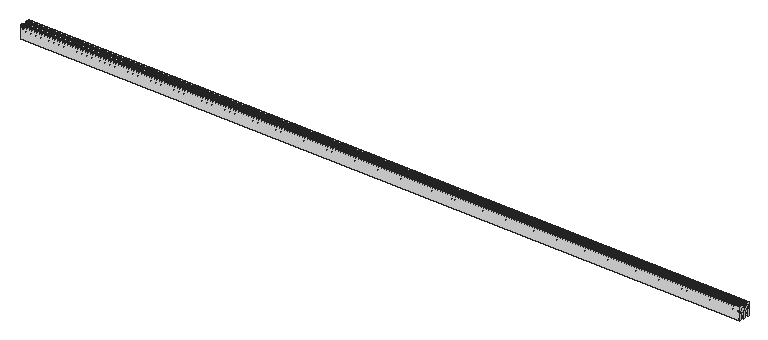
Revit family "BUS09S", category Electrical Fixtures, host Ceiling, Revit 2018 (continued)
Definition of nested family "BUS09S-BUSRUN"
  Automatic sketch dimensions
    Extrusion 15 sketch curve to Extrusion 15 sketch curve = 0' - 0.0785"
    Extrusion 15 sketch curve to Extrusion 15 sketch curve = 0' - 0.096"
    Extrusion 15 sketch curve to Extrusion 15 sketch curve = 0' - 0.05822"  (x4)
    Extrusion 15 sketch curve to Extrusion 15 sketch curve = 0' - 0.01"  (x2)
    Extrusion 16 sketch curve to Extrusion 16 sketch curve = 0' - 0"  (x12)
    Extrusion 16 sketch curve to plane 1 "Center (Front/Back)" = 0' - 0.93495"
    Extrusion 16 sketch curve to Extrusion 16 sketch curve = 0' - 0.043"
    Extrusion 16 sketch curve to Extrusion 16 sketch curve = 0' - 0.05342"
    Extrusion 16 sketch curve to Extrusion 16 sketch curve = 0' - 0.03029"
    Extrusion 16 sketch curve to Extrusion 16 sketch curve = 0' - 0.01559"  (x2)
    Extrusion 16 sketch curve to Extrusion 16 sketch curve = 0' - 0.02871"
    Extrusion 16 sketch curve to Extrusion 16 sketch curve = 0' - 0.059"  (x7)
    Extrusion 16 sketch curve to Extrusion 16 sketch curve = 0' - 0.01547"
    Extrusion 16 sketch curve to Extrusion 16 sketch curve = 0' - 0.09634"  (x2)
    Extrusion 16 sketch curve to Extrusion 16 sketch curve = 0' - 0.05"  (x5)
    Extrusion 16 sketch curve to Extrusion 16 sketch curve = 0' - 0.03162"  (x4)
    Extrusion 16 sketch curve to Extrusion 16 sketch curve = 0' - 0 5/64"
    Extrusion 16 sketch curve to Extrusion 16 sketch curve = 0' - 0.01397"  (x4)
    Extrusion 16 sketch curve to Extrusion 16 sketch curve = 0' - 0.01721"  (x4)
    Extrusion 16 sketch curve to Extrusion 16 sketch curve = 0' - 0.04433"  (x3)
    Extrusion 16 sketch curve to Extrusion 16 sketch curve = 0' - 0.01701"  (x4)
    Extrusion 16 sketch curve to Extrusion 16 sketch curve = 0' - 0.0453"  (x2)
    Extrusion 16 sketch curve to Extrusion 16 sketch curve = 0' - 0.06229"  (x2)
    Extrusion 16 sketch curve to Extrusion 16 sketch curve = 0' - 0.00571"  (x2)
    Extrusion 16 sketch curve to Extrusion 16 sketch curve = 0' - 0.10839"  (x2)
    Extrusion 16 sketch curve to Extrusion 16 sketch curve = 0' - 0.0311"  (x2)
    Extrusion 16 sketch curve to Extrusion 16 sketch curve = 0' - 0.00795"  (x2)
    Extrusion 16 sketch curve to Extrusion 16 sketch curve = 0' - 0.02063"  (x2)
    Extrusion 16 sketch curve to Extrusion 16 sketch curve = 0' - 0.05716"
    Extrusion 16 sketch curve to Extrusion 16 sketch curve = 0' - 0.015"
    Extrusion 16 sketch curve to Extrusion 16 sketch curve = 0' - 0.07015"
    Extrusion 16 sketch curve to Extrusion 16 sketch curve = 0' - 0.065"
    Extrusion 16 sketch curve to Extrusion 16 sketch curve = 0' - 0.01312"
    Extrusion 16 sketch curve to plane 1 "Center (Front/Back)" = 0' - 0.06895"
    level to Extrusion 16 sketch curve = 0' - 1.98"
    Extrusion 16 sketch curve to Extrusion 16 sketch curve = 0' - 0.0518"  (x2)
    Extrusion 16 sketch curve to Extrusion 16 sketch curve = 0' - 0.16764"  (x2)
    Extrusion 16 sketch curve to Extrusion 16 sketch curve = 0' - 0.04004"  (x2)
    Extrusion 16 sketch curve to Extrusion 16 sketch curve = 0' - 0.05585"  (x2)
    Extrusion 16 sketch curve to Extrusion 16 sketch curve = 0' - 0.04972"  (x2)
    Extrusion 16 sketch curve to Extrusion 16 sketch curve = 0' - 0.009"  (x2)
    Extrusion 16 sketch curve to Extrusion 16 sketch curve = 0' - 0.027"  (x2)
    Extrusion 16 sketch curve to Extrusion 16 sketch curve = 0' - 0.0175"  (x4)
    Extrusion 16 sketch curve to Extrusion 16 sketch curve = 0' - 0.056"  (x2)
    Extrusion 16 sketch curve to Extrusion 16 sketch curve = 0' - 0.07545"  (x2)
    Extrusion 16 sketch curve to Extrusion 16 sketch curve = 0' - 0.02457"  (x2)
    Extrusion 16 sketch curve to Extrusion 16 sketch curve = 0' - 0.09674"
    Extrusion 16 sketch curve to Extrusion 16 sketch curve = 0' - 0.00496"
    Extrusion 16 sketch curve to Extrusion 16 sketch curve = 0' - 0.03305"  (x2)
    Extrusion 16 sketch curve to Extrusion 16 sketch curve = 0' - 0.096"  (x2)
    Extrusion 16 sketch curve to Extrusion 16 sketch curve = 0' - 0.05806"  (x4)
    Extrusion 17 sketch curve to Extrusion 17 sketch curve = 0' - 0"  (x12)
    Extrusion 17 sketch curve to plane 1 "Center (Front/Back)" = 0' - 0.93495"
    Extrusion 17 sketch curve to Extrusion 17 sketch curve = 0' - 0.043"
    Extrusion 17 sketch curve to Extrusion 17 sketch curve = 0' - 0.05342"
    Extrusion 17 sketch curve to Extrusion 17 sketch curve = 0' - 0.03029"
    Extrusion 17 sketch curve to Extrusion 17 sketch curve = 0' - 0.01559"  (x2)
    Extrusion 17 sketch curve to Extrusion 17 sketch curve = 0' - 0.02871"
    Extrusion 17 sketch curve to Extrusion 17 sketch curve = 0' - 0.059"  (x7)
    Extrusion 17 sketch curve to Extrusion 17 sketch curve = 0' - 0.01547"
    Extrusion 17 sketch curve to Extrusion 17 sketch curve = 0' - 0.09634"  (x2)
    Extrusion 17 sketch curve to Extrusion 17 sketch curve = 0' - 0.05"  (x5)
    Extrusion 17 sketch curve to Extrusion 17 sketch curve = 0' - 0.03162"  (x4)
    Extrusion 17 sketch curve to Extrusion 17 sketch curve = 0' - 0 5/64"
    Extrusion 17 sketch curve to Extrusion 17 sketch curve = 0' - 0.01397"  (x4)
    Extrusion 17 sketch curve to Extrusion 17 sketch curve = 0' - 0.01721"  (x4)
    Extrusion 17 sketch curve to Extrusion 17 sketch curve = 0' - 0.04433"  (x3)
    Extrusion 17 sketch curve to Extrusion 17 sketch curve = 0' - 0.01701"  (x4)
    Extrusion 17 sketch curve to Extrusion 17 sketch curve = 0' - 0.0453"  (x2)
    Extrusion 17 sketch curve to Extrusion 17 sketch curve = 0' - 0.06229"  (x2)
    Extrusion 17 sketch curve to Extrusion 17 sketch curve = 0' - 0.00571"  (x2)
    Extrusion 17 sketch curve to Extrusion 17 sketch curve = 0' - 0.10839"  (x2)
    Extrusion 17 sketch curve to Extrusion 17 sketch curve = 0' - 0.0311"  (x2)
    Extrusion 17 sketch curve to Extrusion 17 sketch curve = 0' - 0.00795"  (x2)
    Extrusion 17 sketch curve to Extrusion 17 sketch curve = 0' - 0.02063"  (x2)
    Extrusion 17 sketch curve to Extrusion 17 sketch curve = 0' - 0.05716"
    Extrusion 17 sketch curve to Extrusion 17 sketch curve = 0' - 0.015"
    Extrusion 17 sketch curve to Extrusion 17 sketch curve = 0' - 0.07015"
    Extrusion 17 sketch curve to Extrusion 17 sketch curve = 0' - 0.065"
    Extrusion 17 sketch curve to Extrusion 17 sketch curve = 0' - 0.01312"
    Extrusion 17 sketch curve to plane 1 "Center (Front/Back)" = 0' - 0.06895"
    level to Extrusion 17 sketch curve = 0' - 1.98"
    Extrusion 17 sketch curve to Extrusion 17 sketch curve = 0' - 0.0518"  (x2)
    Extrusion 17 sketch curve to Extrusion 17 sketch curve = 0' - 0.16764"  (x2)
    Extrusion 17 sketch curve to Extrusion 17 sketch curve = 0' - 0.04004"  (x2)
    Extrusion 17 sketch curve to Extrusion 17 sketch curve = 0' - 0.05585"  (x2)
    Extrusion 17 sketch curve to Extrusion 17 sketch curve = 0' - 0.04972"  (x2)
    Extrusion 17 sketch curve to Extrusion 17 sketch curve = 0' - 0.009"  (x2)
    Extrusion 17 sketch curve to Extrusion 17 sketch curve = 0' - 0.027"  (x2)
    Extrusion 17 sketch curve to Extrusion 17 sketch curve = 0' - 0.0175"  (x4)
    Extrusion 17 sketch curve to Extrusion 17 sketch curve = 0' - 0.056"  (x2)
    Extrusion 17 sketch curve to Extrusion 17 sketch curve = 0' - 0.07545"  (x2)
    Extrusion 17 sketch curve to Extrusion 17 sketch curve = 0' - 0.02457"  (x2)
    Extrusion 17 sketch curve to Extrusion 17 sketch curve = 0' - 0.09674"
    Extrusion 17 sketch curve to Extrusion 17 sketch curve = 0' - 0.00496"
    Extrusion 17 sketch curve to Extrusion 17 sketch curve = 0' - 0.03305"  (x2)
    Extrusion 17 sketch curve to Extrusion 17 sketch curve = 0' - 0.096"  (x2)
    Extrusion 17 sketch curve to Extrusion 17 sketch curve = 0' - 0.05806"  (x4)
  Nested families (in)
    nested 1: "2A" at (0, -0.50195, 1.32595) x (0, -1, 0) z (1, 0, 0), visible <- "2A", type "2A"
    nested 2: "2A" at (0, -0.50195, 1.32595) x (0, -1, 0) z (1, 0, 0), visible <- "2D", type "2D"
    nested 3: "1A" at (0, -0.50195, 1.32595) x (0, 1, 0) z (1, 0, 0), visible <- "1A", type "1A"
    nested 4: "3D" at (0, -0.50195, 1.32595) x (0, 1, 0) z (1, 0, 0), visible <- "3D", type "3D"
    nested 5: "2A" at (0, -0.50195, 1.32595) x (0, -1, 0) z (1, 0, 0), visible <- "6A", type "6A"
    nested 6: "2A" at (0, -0.50195, 1.32595) x (0, -1, 0) z (1, 0, 0), visible <- "6D", type "6D"
    nested 7: "4B" at (0, -0.50195, 1.32595) x (0, -1, 0) z (1, 0, 0), visible <- "4B", type "4B"
    nested 8: "4B" at (0, -0.50195, 1.32595) x (0, -1, 0) z (1, 0, 0), visible <- "4B", type "4K"
    nested 9: "2A" at (0, 0.50195, 1.32595) x (0, 1, 0) z (1, 0, 0), visible <- "2A", type "2A"
    nested 10: "2A" at (0, 0.50195, 1.32595) x (0, 1, 0) z (1, 0, 0), visible <- "2D", type "2D"
    nested 11: "1A" at (0, 0.50195, 1.32595) x (0, -1, 0) z (1, 0, 0), visible <- "1A", type "1A"
    nested 12: "3D" at (0, 0.50195, 1.32595) x (0, -1, 0) z (1, 0, 0), visible <- "3D", type "3D"
    nested 13: "2A" at (0, 0.50195, 1.32595) x (0, 1, 0) z (1, 0, 0), visible <- "6A", type "6A"
    nested 14: "2A" at (0, 0.50195, 1.32595) x (0, 1, 0) z (1, 0, 0), visible <- "6D", type "6D"
    nested 15: "4B" at (0, 0.50195, 1.32595) x (0, 1, 0) z (1, 0, 0), visible <- "4B", type "4B"
    nested 16: "4B" at (0, 0.50195, 1.32595) x (0, 1, 0) z (1, 0, 0), visible <- "4B", type "4K"
  Definition of nested family "2A"
    Reference planes (in)
      plane 1 "Center (Front/Back)": y = 0
      plane 2: z = 0
      plane 3 "Center (Left/Right)": x = 0
    Lines and regions (in)
      model lines, in view "Ref. Level"
        curve 1: arc (0.0549, 0.54979, 0) -> (0.06707, 0.57678, 0) -> (0.04377, 0.59505, 0) r 0.024
        curve 2: arc (0.0488, 0.56016, 0) -> (0.05548, 0.57363, 0) -> (0.04377, 0.58305, 0) r 0.012
        curve 3: arc (0.03532, 0.22103, 0) -> (0.04423, 0.21363, 0) -> (0.05525, 0.21721, 0) r 0.012
        curve 4: arc (0.02415, 0.21664, 0) -> (0.04198, 0.20184, 0) -> (0.06401, 0.20901, 0) r 0.024
        curve 5: arc (0.0488, 0.56016, 0) -> (0.01665, 0.50597, 0) -> (0.05573, 0.45655, 0) r 0.05561
        curve 6: arc (0.0549, 0.54979, 0) -> (0.02862, 0.50687, 0) -> (0.0602, 0.46768, 0) r 0.04369
        curve 7: arc (-0.0602, 0.46768, 0) -> (-0.07023, 0.45959, 0) -> (-0.074, 0.44727, 0) r 0.022
        curve 8: arc (-0.05573, 0.45655, 0) -> (-0.06028, 0.45287, 0) -> (-0.062, 0.44727, 0) r 0.01
        curve 9: arc (-0.05573, 0.45655, 0) -> (-0.01665, 0.50597, 0) -> (-0.0488, 0.56016, 0) r 0.05561
        curve 10: arc (0.02797, 0.4413, 0) -> (0.01268, 0.33053, 0) -> (0.03532, 0.22103, 0) r 0.32952
        curve 11: arc (-0.03532, 0.22103, 0) -> (-0.01268, 0.33053, 0) -> (-0.02797, 0.4413, 0) r 0.32952
        curve 12: arc (0.01653, 0.44493, 0) -> (0.00069, 0.33013, 0) -> (0.02415, 0.21664, 0) r 0.34152
        curve 13: arc (-0.02415, 0.21664, 0) -> (-0.00069, 0.33013, 0) -> (-0.01653, 0.44493, 0) r 0.34152
        curve 14: arc (-0.074, 0.2343, 0) -> (-0.07141, 0.2207, 0) -> (-0.06401, 0.20901, 0) r 0.037
        curve 15: arc (-0.062, 0.2343, 0) -> (-0.06025, 0.22511, 0) -> (-0.05525, 0.21721, 0) r 0.025
        curve 16: arc (-0.05525, 0.21721, 0) -> (-0.04423, 0.21363, 0) -> (-0.03532, 0.22103, 0) r 0.012
        curve 17: arc (-0.06401, 0.20901, 0) -> (-0.04198, 0.20184, 0) -> (-0.02415, 0.21664, 0) r 0.024
        curve 18: arc (-0.04377, 0.59505, 0) -> (-0.06707, 0.57678, 0) -> (-0.0549, 0.54979, 0) r 0.024
        curve 19: arc (-0.04377, 0.58305, 0) -> (-0.05548, 0.57363, 0) -> (-0.0488, 0.56016, 0) r 0.012
        curve 20: arc (-0.0602, 0.46768, 0) -> (-0.02862, 0.50687, 0) -> (-0.0549, 0.54979, 0) r 0.04369
        curve 21: arc (0.062, 0.44727, 0) -> (0.06028, 0.45287, 0) -> (0.05573, 0.45655, 0) r 0.01
        curve 22: arc (0.074, 0.44727, 0) -> (0.07023, 0.45959, 0) -> (0.0602, 0.46768, 0) r 0.022
        curve 23: line (-0.062, 0.2343, 0) -> (-0.062, 0.44727, 0)
        curve 24: line (-0.074, 0.2343, 0) -> (-0.074, 0.44727, 0)
        curve 25: line (0.02797, 0.4413, 0) -> (0.01653, 0.44493, 0)
        curve 26: line (-0.02797, 0.4413, 0) -> (-0.01653, 0.44493, 0)
        curve 27: line (-0.04377, 0.59505, 0) -> (0.04377, 0.59505, 0)
        curve 28: line (-0.04377, 0.58305, 0) -> (0.04377, 0.58305, 0)
        curve 29: line (0.074, 0.2343, 0) -> (0.074, 0.44727, 0)
        curve 30: line (0.062, 0.2343, 0) -> (0.062, 0.44727, 0)
        curve 31: arc (0.05525, 0.21721, 0) -> (0.06025, 0.22511, 0) -> (0.062, 0.2343, 0) r 0.025
        curve 32: arc (0.06401, 0.20901, 0) -> (0.07141, 0.2207, 0) -> (0.074, 0.2343, 0) r 0.037
        curve 33: arc (0.29148, 0.54979, 0) -> (0.30365, 0.57678, 0) -> (0.28034, 0.59505, 0) r 0.024
        curve 34: arc (0.28538, 0.56016, 0) -> (0.29206, 0.57363, 0) -> (0.28034, 0.58305, 0) r 0.012
        curve 35: arc (0.2719, 0.22103, 0) -> (0.28081, 0.21363, 0) -> (0.29183, 0.21721, 0) r 0.012
        curve 36: arc (0.26073, 0.21664, 0) -> (0.27856, 0.20184, 0) -> (0.30059, 0.20901, 0) r 0.024
        curve 37: arc (0.28538, 0.56016, 0) -> (0.25323, 0.50597, 0) -> (0.29231, 0.45655, 0) r 0.05561
        curve 38: arc (0.29148, 0.54979, 0) -> (0.2652, 0.50687, 0) -> (0.29678, 0.46768, 0) r 0.04369
        curve 39: arc (0.17638, 0.46768, 0) -> (0.16635, 0.45959, 0) -> (0.16258, 0.44727, 0) r 0.022
        curve 40: arc (0.18085, 0.45655, 0) -> (0.17629, 0.45287, 0) -> (0.17458, 0.44727, 0) r 0.01
        curve 41: arc (0.18085, 0.45655, 0) -> (0.21992, 0.50597, 0) -> (0.18778, 0.56016, 0) r 0.05561
        curve 42: arc (0.26455, 0.4413, 0) -> (0.24926, 0.33053, 0) -> (0.2719, 0.22103, 0) r 0.32952
        curve 43: arc (0.20126, 0.22103, 0) -> (0.2239, 0.33053, 0) -> (0.20861, 0.4413, 0) r 0.32952
        curve 44: arc (0.25311, 0.44493, 0) -> (0.23727, 0.33013, 0) -> (0.26073, 0.21664, 0) r 0.34152
        curve 45: arc (0.21243, 0.21664, 0) -> (0.23589, 0.33013, 0) -> (0.22005, 0.44493, 0) r 0.34152
        curve 46: arc (0.16258, 0.2343, 0) -> (0.16517, 0.2207, 0) -> (0.17257, 0.20901, 0) r 0.037
        curve 47: arc (0.17458, 0.2343, 0) -> (0.17633, 0.22511, 0) -> (0.18133, 0.21721, 0) r 0.025
        curve 48: arc (0.18133, 0.21721, 0) -> (0.19235, 0.21363, 0) -> (0.20126, 0.22103, 0) r 0.012
        curve 49: arc (0.17257, 0.20901, 0) -> (0.1946, 0.20184, 0) -> (0.21243, 0.21664, 0) r 0.024
        curve 50: arc (0.19281, 0.59505, 0) -> (0.16951, 0.57678, 0) -> (0.18168, 0.54979, 0) r 0.024
        curve 51: arc (0.19281, 0.58305, 0) -> (0.18109, 0.57363, 0) -> (0.18778, 0.56016, 0) r 0.012
        curve 52: arc (0.17638, 0.46768, 0) -> (0.20796, 0.50687, 0) -> (0.18168, 0.54979, 0) r 0.04369
        curve 53: arc (0.29858, 0.44727, 0) -> (0.29686, 0.45287, 0) -> (0.29231, 0.45655, 0) r 0.01
        curve 54: arc (0.31058, 0.44727, 0) -> (0.30681, 0.45959, 0) -> (0.29678, 0.46768, 0) r 0.022
        curve 55: line (0.17458, 0.2343, 0) -> (0.17458, 0.44727, 0)
        curve 56: line (0.16258, 0.2343, 0) -> (0.16258, 0.44727, 0)
        curve 57: line (0.26455, 0.4413, 0) -> (0.25311, 0.44493, 0)
        curve 58: line (0.20861, 0.4413, 0) -> (0.22005, 0.44493, 0)
        curve 59: line (0.19281, 0.59505, 0) -> (0.28034, 0.59505, 0)
        curve 60: line (0.19281, 0.58305, 0) -> (0.28034, 0.58305, 0)
        curve 61: line (0.31058, 0.2343, 0) -> (0.31058, 0.44727, 0)
        curve 62: line (0.29858, 0.2343, 0) -> (0.29858, 0.44727, 0)
        curve 63: arc (0.29183, 0.21721, 0) -> (0.29683, 0.22511, 0) -> (0.29858, 0.2343, 0) r 0.025
        curve 64: arc (0.30059, 0.20901, 0) -> (0.30799, 0.2207, 0) -> (0.31058, 0.2343, 0) r 0.037
      detail lines, in view "Ref. Level"
        curve 65: arc (-0.18168, 0.54979, 0) -> (-0.16951, 0.57678, 0) -> (-0.19281, 0.59505, 0) r 0.024
        curve 66: arc (-0.18778, 0.56016, 0) -> (-0.18109, 0.57363, 0) -> (-0.19281, 0.58305, 0) r 0.012
        curve 67: arc (-0.20126, 0.22103, 0) -> (-0.19235, 0.21363, 0) -> (-0.18133, 0.21721, 0) r 0.012
        curve 68: arc (-0.21243, 0.21664, 0) -> (-0.1946, 0.20184, 0) -> (-0.17257, 0.20901, 0) r 0.024
        curve 69: arc (-0.18778, 0.56016, 0) -> (-0.21992, 0.50597, 0) -> (-0.18085, 0.45655, 0) r 0.05561
        curve 70: arc (-0.18168, 0.54979, 0) -> (-0.20796, 0.50687, 0) -> (-0.17638, 0.46768, 0) r 0.04369
        curve 71: arc (-0.29678, 0.46768, 0) -> (-0.30681, 0.45959, 0) -> (-0.31058, 0.44727, 0) r 0.022
        curve 72: arc (-0.29231, 0.45655, 0) -> (-0.29686, 0.45287, 0) -> (-0.29858, 0.44727, 0) r 0.01
        curve 73: arc (-0.29231, 0.45655, 0) -> (-0.25323, 0.50597, 0) -> (-0.28538, 0.56016, 0) r 0.05561
        curve 74: arc (-0.20861, 0.4413, 0) -> (-0.2239, 0.33053, 0) -> (-0.20126, 0.22103, 0) r 0.32952
        curve 75: arc (-0.2719, 0.22103, 0) -> (-0.24926, 0.33053, 0) -> (-0.26455, 0.4413, 0) r 0.32952
        curve 76: arc (-0.22005, 0.44493, 0) -> (-0.23589, 0.33013, 0) -> (-0.21243, 0.21664, 0) r 0.34152
        curve 77: arc (-0.26073, 0.21664, 0) -> (-0.23727, 0.33013, 0) -> (-0.25311, 0.44493, 0) r 0.34152
        curve 78: arc (-0.31058, 0.2343, 0) -> (-0.30799, 0.2207, 0) -> (-0.30059, 0.20901, 0) r 0.037
        curve 79: arc (-0.29858, 0.2343, 0) -> (-0.29683, 0.22511, 0) -> (-0.29183, 0.21721, 0) r 0.025
        curve 80: arc (-0.29183, 0.21721, 0) -> (-0.28081, 0.21363, 0) -> (-0.2719, 0.22103, 0) r 0.012
        curve 81: arc (-0.30059, 0.20901, 0) -> (-0.27856, 0.20184, 0) -> (-0.26073, 0.21664, 0) r 0.024
        curve 82: arc (-0.28034, 0.59505, 0) -> (-0.30365, 0.57678, 0) -> (-0.29148, 0.54979, 0) r 0.024
        curve 83: arc (-0.28034, 0.58305, 0) -> (-0.29206, 0.57363, 0) -> (-0.28538, 0.56016, 0) r 0.012
        curve 84: arc (-0.29678, 0.46768, 0) -> (-0.2652, 0.50687, 0) -> (-0.29148, 0.54979, 0) r 0.04369
        curve 85: arc (-0.17458, 0.44727, 0) -> (-0.17629, 0.45287, 0) -> (-0.18085, 0.45655, 0) r 0.01
        curve 86: arc (-0.16258, 0.44727, 0) -> (-0.16635, 0.45959, 0) -> (-0.17638, 0.46768, 0) r 0.022
        curve 87: line (-0.29858, 0.2343, 0) -> (-0.29858, 0.44727, 0)
        curve 88: line (-0.31058, 0.2343, 0) -> (-0.31058, 0.44727, 0)
        curve 89: line (-0.20861, 0.4413, 0) -> (-0.22005, 0.44493, 0)
        curve 90: line (-0.26455, 0.4413, 0) -> (-0.25311, 0.44493, 0)
        curve 91: line (-0.28034, 0.59505, 0) -> (-0.19281, 0.59505, 0)
        curve 92: line (-0.28034, 0.58305, 0) -> (-0.19281, 0.58305, 0)
        curve 93: line (-0.16258, 0.2343, 0) -> (-0.16258, 0.44727, 0)
        curve 94: line (-0.17458, 0.2343, 0) -> (-0.17458, 0.44727, 0)
        curve 95: arc (-0.18133, 0.21721, 0) -> (-0.17633, 0.22511, 0) -> (-0.17458, 0.2343, 0) r 0.025
        curve 96: arc (-0.17257, 0.20901, 0) -> (-0.16517, 0.2207, 0) -> (-0.16258, 0.2343, 0) r 0.037
  Definition of nested family "1A"
    Reference planes (in)
      plane 1 "Center (Front/Back)": y = 0
      plane 2: z = 0
      plane 3 "Center (Left/Right)": x = 0
    Lines and regions (in)
      model lines, in view "Ref. Level"
        curve 1: arc (0.0549, 0.54979, 0) -> (0.06707, 0.57678, 0) -> (0.04377, 0.59505, 0) r 0.024
        curve 2: arc (0.0488, 0.56016, 0) -> (0.05548, 0.57363, 0) -> (0.04377, 0.58305, 0) r 0.012
        curve 3: arc (0.03532, 0.22103, 0) -> (0.04423, 0.21363, 0) -> (0.05525, 0.21721, 0) r 0.012
        curve 4: arc (0.02415, 0.21664, 0) -> (0.04198, 0.20184, 0) -> (0.06401, 0.20901, 0) r 0.024
        curve 5: arc (0.0488, 0.56016, 0) -> (0.01665, 0.50597, 0) -> (0.05573, 0.45655, 0) r 0.05561
        curve 6: arc (0.0549, 0.54979, 0) -> (0.02862, 0.50687, 0) -> (0.0602, 0.46768, 0) r 0.04369
        curve 7: arc (-0.0602, 0.46768, 0) -> (-0.07023, 0.45959, 0) -> (-0.074, 0.44727, 0) r 0.022
        curve 8: arc (-0.05573, 0.45655, 0) -> (-0.06028, 0.45287, 0) -> (-0.062, 0.44727, 0) r 0.01
        curve 9: arc (-0.05573, 0.45655, 0) -> (-0.01665, 0.50597, 0) -> (-0.0488, 0.56016, 0) r 0.05561
        curve 10: arc (0.02797, 0.4413, 0) -> (0.01268, 0.33053, 0) -> (0.03532, 0.22103, 0) r 0.32952
        curve 11: arc (-0.03532, 0.22103, 0) -> (-0.01268, 0.33053, 0) -> (-0.02797, 0.4413, 0) r 0.32952
        curve 12: arc (0.01653, 0.44493, 0) -> (0.00069, 0.33013, 0) -> (0.02415, 0.21664, 0) r 0.34152
        curve 13: arc (-0.02415, 0.21664, 0) -> (-0.00069, 0.33013, 0) -> (-0.01653, 0.44493, 0) r 0.34152
        curve 14: arc (-0.074, 0.2343, 0) -> (-0.07141, 0.2207, 0) -> (-0.06401, 0.20901, 0) r 0.037
        curve 15: arc (-0.062, 0.2343, 0) -> (-0.06025, 0.22511, 0) -> (-0.05525, 0.21721, 0) r 0.025
        curve 16: arc (-0.05525, 0.21721, 0) -> (-0.04423, 0.21363, 0) -> (-0.03532, 0.22103, 0) r 0.012
        curve 17: arc (-0.06401, 0.20901, 0) -> (-0.04198, 0.20184, 0) -> (-0.02415, 0.21664, 0) r 0.024
        curve 18: arc (-0.04377, 0.59505, 0) -> (-0.06707, 0.57678, 0) -> (-0.0549, 0.54979, 0) r 0.024
        curve 19: arc (-0.04377, 0.58305, 0) -> (-0.05548, 0.57363, 0) -> (-0.0488, 0.56016, 0) r 0.012
        curve 20: arc (-0.0602, 0.46768, 0) -> (-0.02862, 0.50687, 0) -> (-0.0549, 0.54979, 0) r 0.04369
        curve 21: arc (0.062, 0.44727, 0) -> (0.06028, 0.45287, 0) -> (0.05573, 0.45655, 0) r 0.01
        curve 22: arc (0.074, 0.44727, 0) -> (0.07023, 0.45959, 0) -> (0.0602, 0.46768, 0) r 0.022
        curve 23: line (-0.062, 0.2343, 0) -> (-0.062, 0.44727, 0)
        curve 24: line (-0.074, 0.2343, 0) -> (-0.074, 0.44727, 0)
        curve 25: line (0.02797, 0.4413, 0) -> (0.01653, 0.44493, 0)
        curve 26: line (-0.02797, 0.4413, 0) -> (-0.01653, 0.44493, 0)
        curve 27: line (-0.04377, 0.59505, 0) -> (0.04377, 0.59505, 0)
        curve 28: line (-0.04377, 0.58305, 0) -> (0.04377, 0.58305, 0)
        curve 29: line (0.074, 0.2343, 0) -> (0.074, 0.44727, 0)
        curve 30: line (0.062, 0.2343, 0) -> (0.062, 0.44727, 0)
        curve 31: arc (0.05525, 0.21721, 0) -> (0.06025, 0.22511, 0) -> (0.062, 0.2343, 0) r 0.025
        curve 32: arc (0.06401, 0.20901, 0) -> (0.07141, 0.2207, 0) -> (0.074, 0.2343, 0) r 0.037
        curve 33: arc (0.29148, 0.54979, 0) -> (0.30365, 0.57678, 0) -> (0.28034, 0.59505, 0) r 0.024
        curve 34: arc (0.28538, 0.56016, 0) -> (0.29206, 0.57363, 0) -> (0.28034, 0.58305, 0) r 0.012
        curve 35: arc (0.2719, 0.22103, 0) -> (0.28081, 0.21363, 0) -> (0.29183, 0.21721, 0) r 0.012
        curve 36: arc (0.26073, 0.21664, 0) -> (0.27856, 0.20184, 0) -> (0.30059, 0.20901, 0) r 0.024
        curve 37: arc (0.28538, 0.56016, 0) -> (0.25323, 0.50597, 0) -> (0.29231, 0.45655, 0) r 0.05561
        curve 38: arc (0.29148, 0.54979, 0) -> (0.2652, 0.50687, 0) -> (0.29678, 0.46768, 0) r 0.04369
        curve 39: arc (0.17638, 0.46768, 0) -> (0.16635, 0.45959, 0) -> (0.16258, 0.44727, 0) r 0.022
        curve 40: arc (0.18085, 0.45655, 0) -> (0.17629, 0.45287, 0) -> (0.17458, 0.44727, 0) r 0.01
        curve 41: arc (0.18085, 0.45655, 0) -> (0.21992, 0.50597, 0) -> (0.18778, 0.56016, 0) r 0.05561
        curve 42: arc (0.26455, 0.4413, 0) -> (0.24926, 0.33053, 0) -> (0.2719, 0.22103, 0) r 0.32952
        curve 43: arc (0.20126, 0.22103, 0) -> (0.2239, 0.33053, 0) -> (0.20861, 0.4413, 0) r 0.32952
        curve 44: arc (0.25311, 0.44493, 0) -> (0.23727, 0.33013, 0) -> (0.26073, 0.21664, 0) r 0.34152
        curve 45: arc (0.21243, 0.21664, 0) -> (0.23589, 0.33013, 0) -> (0.22005, 0.44493, 0) r 0.34152
        curve 46: arc (0.16258, 0.2343, 0) -> (0.16517, 0.2207, 0) -> (0.17257, 0.20901, 0) r 0.037
        curve 47: arc (0.17458, 0.2343, 0) -> (0.17633, 0.22511, 0) -> (0.18133, 0.21721, 0) r 0.025
        curve 48: arc (0.18133, 0.21721, 0) -> (0.19235, 0.21363, 0) -> (0.20126, 0.22103, 0) r 0.012
        curve 49: arc (0.17257, 0.20901, 0) -> (0.1946, 0.20184, 0) -> (0.21243, 0.21664, 0) r 0.024
        curve 50: arc (0.19281, 0.59505, 0) -> (0.16951, 0.57678, 0) -> (0.18168, 0.54979, 0) r 0.024
        curve 51: arc (0.19281, 0.58305, 0) -> (0.18109, 0.57363, 0) -> (0.18778, 0.56016, 0) r 0.012
        curve 52: arc (0.17638, 0.46768, 0) -> (0.20796, 0.50687, 0) -> (0.18168, 0.54979, 0) r 0.04369
        curve 53: arc (0.29858, 0.44727, 0) -> (0.29686, 0.45287, 0) -> (0.29231, 0.45655, 0) r 0.01
        curve 54: arc (0.31058, 0.44727, 0) -> (0.30681, 0.45959, 0) -> (0.29678, 0.46768, 0) r 0.022
        curve 55: line (0.17458, 0.2343, 0) -> (0.17458, 0.44727, 0)
        curve 56: line (0.16258, 0.2343, 0) -> (0.16258, 0.44727, 0)
        curve 57: line (0.26455, 0.4413, 0) -> (0.25311, 0.44493, 0)
        curve 58: line (0.20861, 0.4413, 0) -> (0.22005, 0.44493, 0)
        curve 59: line (0.19281, 0.59505, 0) -> (0.28034, 0.59505, 0)
        curve 60: line (0.19281, 0.58305, 0) -> (0.28034, 0.58305, 0)
        curve 61: line (0.31058, 0.2343, 0) -> (0.31058, 0.44727, 0)
        curve 62: line (0.29858, 0.2343, 0) -> (0.29858, 0.44727, 0)
        curve 63: arc (0.29183, 0.21721, 0) -> (0.29683, 0.22511, 0) -> (0.29858, 0.2343, 0) r 0.025
        curve 64: arc (0.30059, 0.20901, 0) -> (0.30799, 0.2207, 0) -> (0.31058, 0.2343, 0) r 0.037
  Definition of nested family "3D"
    Reference planes (in)
      plane 1 "Center (Front/Back)": y = 0
      plane 2: z = 0
      plane 3 "Center (Left/Right)": x = 0
    Lines and regions (in)
      model lines, in view "Ref. Level"
        curve 1: arc (-0.04035, 0.54979, 0) -> (-0.02818, 0.57678, 0) -> (-0.05148, 0.59505, 0) r 0.024
        curve 2: arc (-0.04645, 0.56016, 0) -> (-0.03977, 0.57363, 0) -> (-0.05148, 0.58305, 0) r 0.012
        curve 3: arc (-0.05993, 0.22103, 0) -> (-0.05102, 0.21363, 0) -> (-0.04, 0.21721, 0) r 0.012
        curve 4: arc (-0.0711, 0.21664, 0) -> (-0.05327, 0.20184, 0) -> (-0.03124, 0.20901, 0) r 0.024
        curve 5: arc (-0.04645, 0.56016, 0) -> (-0.0786, 0.50597, 0) -> (-0.03952, 0.45655, 0) r 0.05561
        curve 6: arc (-0.04035, 0.54979, 0) -> (-0.06663, 0.50687, 0) -> (-0.03505, 0.46768, 0) r 0.04369
        curve 7: arc (-0.15545, 0.46768, 0) -> (-0.16548, 0.45959, 0) -> (-0.16925, 0.44727, 0) r 0.022
        curve 8: arc (-0.15098, 0.45655, 0) -> (-0.15553, 0.45287, 0) -> (-0.15725, 0.44727, 0) r 0.01
        curve 9: arc (-0.15098, 0.45655, 0) -> (-0.1119, 0.50597, 0) -> (-0.14405, 0.56016, 0) r 0.05561
        curve 10: arc (-0.06728, 0.4413, 0) -> (-0.08257, 0.33053, 0) -> (-0.05993, 0.22103, 0) r 0.32952
        curve 11: arc (-0.13057, 0.22103, 0) -> (-0.10793, 0.33053, 0) -> (-0.12322, 0.4413, 0) r 0.32952
        curve 12: arc (-0.07872, 0.44493, 0) -> (-0.09456, 0.33013, 0) -> (-0.0711, 0.21664, 0) r 0.34152
        curve 13: arc (-0.1194, 0.21664, 0) -> (-0.09594, 0.33013, 0) -> (-0.11178, 0.44493, 0) r 0.34152
        curve 14: arc (-0.16925, 0.2343, 0) -> (-0.16666, 0.2207, 0) -> (-0.15926, 0.20901, 0) r 0.037
        curve 15: arc (-0.15725, 0.2343, 0) -> (-0.1555, 0.22511, 0) -> (-0.1505, 0.21721, 0) r 0.025
        curve 16: arc (-0.1505, 0.21721, 0) -> (-0.13948, 0.21363, 0) -> (-0.13057, 0.22103, 0) r 0.012
        curve 17: arc (-0.15926, 0.20901, 0) -> (-0.13723, 0.20184, 0) -> (-0.1194, 0.21664, 0) r 0.024
        curve 18: arc (-0.13902, 0.59505, 0) -> (-0.16232, 0.57678, 0) -> (-0.15015, 0.54979, 0) r 0.024
        curve 19: arc (-0.13902, 0.58305, 0) -> (-0.15073, 0.57363, 0) -> (-0.14405, 0.56016, 0) r 0.012
        curve 20: arc (-0.15545, 0.46768, 0) -> (-0.12387, 0.50687, 0) -> (-0.15015, 0.54979, 0) r 0.04369
        curve 21: arc (-0.03325, 0.44727, 0) -> (-0.03497, 0.45287, 0) -> (-0.03952, 0.45655, 0) r 0.01
        curve 22: arc (-0.02125, 0.44727, 0) -> (-0.02502, 0.45959, 0) -> (-0.03505, 0.46768, 0) r 0.022
        curve 23: line (-0.15725, 0.2343, 0) -> (-0.15725, 0.44727, 0)
        curve 24: line (-0.16925, 0.2343, 0) -> (-0.16925, 0.44727, 0)
        curve 25: line (-0.06728, 0.4413, 0) -> (-0.07872, 0.44493, 0)
        curve 26: line (-0.12322, 0.4413, 0) -> (-0.11178, 0.44493, 0)
        curve 27: line (-0.13902, 0.59505, 0) -> (-0.05148, 0.59505, 0)
        curve 28: line (-0.13902, 0.58305, 0) -> (-0.05148, 0.58305, 0)
        curve 29: line (-0.02125, 0.2343, 0) -> (-0.02125, 0.44727, 0)
        curve 30: line (-0.03325, 0.2343, 0) -> (-0.03325, 0.44727, 0)
        curve 31: arc (-0.04, 0.21721, 0) -> (-0.035, 0.22511, 0) -> (-0.03325, 0.2343, 0) r 0.025
        curve 32: arc (-0.03124, 0.20901, 0) -> (-0.02384, 0.2207, 0) -> (-0.02125, 0.2343, 0) r 0.037
        curve 33: arc (0.26573, 0.54979, 0) -> (0.2779, 0.57678, 0) -> (0.25459, 0.59505, 0) r 0.024
        curve 34: arc (0.25963, 0.56016, 0) -> (0.26631, 0.57363, 0) -> (0.25459, 0.58305, 0) r 0.012
        curve 35: arc (0.24615, 0.22103, 0) -> (0.25506, 0.21363, 0) -> (0.26608, 0.21721, 0) r 0.012
        curve 36: arc (0.23498, 0.21664, 0) -> (0.25281, 0.20184, 0) -> (0.27484, 0.20901, 0) r 0.024
        curve 37: arc (0.25963, 0.56016, 0) -> (0.22748, 0.50597, 0) -> (0.26656, 0.45655, 0) r 0.05561
        curve 38: arc (0.26573, 0.54979, 0) -> (0.23945, 0.50687, 0) -> (0.27103, 0.46768, 0) r 0.04369
        curve 39: arc (0.15063, 0.46768, 0) -> (0.1406, 0.45959, 0) -> (0.13683, 0.44727, 0) r 0.022
        curve 40: arc (0.1551, 0.45655, 0) -> (0.15054, 0.45287, 0) -> (0.14883, 0.44727, 0) r 0.01
        curve 41: arc (0.1551, 0.45655, 0) -> (0.19417, 0.50597, 0) -> (0.16203, 0.56016, 0) r 0.05561
        curve 42: arc (0.2388, 0.4413, 0) -> (0.22351, 0.33053, 0) -> (0.24615, 0.22103, 0) r 0.32952
        curve 43: arc (0.17551, 0.22103, 0) -> (0.19815, 0.33053, 0) -> (0.18286, 0.4413, 0) r 0.32952
        curve 44: arc (0.22736, 0.44493, 0) -> (0.21152, 0.33013, 0) -> (0.23498, 0.21664, 0) r 0.34152
        curve 45: arc (0.18668, 0.21664, 0) -> (0.21014, 0.33013, 0) -> (0.19429, 0.44493, 0) r 0.34152
        curve 46: arc (0.13683, 0.2343, 0) -> (0.13942, 0.2207, 0) -> (0.14682, 0.20901, 0) r 0.037
        curve 47: arc (0.14883, 0.2343, 0) -> (0.15058, 0.22511, 0) -> (0.15558, 0.21721, 0) r 0.025
        curve 48: arc (0.15558, 0.21721, 0) -> (0.1666, 0.21363, 0) -> (0.17551, 0.22103, 0) r 0.012
        curve 49: arc (0.14682, 0.20901, 0) -> (0.16885, 0.20184, 0) -> (0.18668, 0.21664, 0) r 0.024
        curve 50: arc (0.16706, 0.59505, 0) -> (0.14376, 0.57678, 0) -> (0.15593, 0.54979, 0) r 0.024
        curve 51: arc (0.16706, 0.58305, 0) -> (0.15534, 0.57363, 0) -> (0.16203, 0.56016, 0) r 0.012
        curve 52: arc (0.15063, 0.46768, 0) -> (0.18221, 0.50687, 0) -> (0.15593, 0.54979, 0) r 0.04369
        curve 53: arc (0.27283, 0.44727, 0) -> (0.27111, 0.45287, 0) -> (0.26656, 0.45655, 0) r 0.01
        curve 54: arc (0.28483, 0.44727, 0) -> (0.28106, 0.45959, 0) -> (0.27103, 0.46768, 0) r 0.022
        curve 55: line (0.14883, 0.2343, 0) -> (0.14883, 0.44727, 0)
        curve 56: line (0.13683, 0.2343, 0) -> (0.13683, 0.44727, 0)
        curve 57: line (0.2388, 0.4413, 0) -> (0.22736, 0.44493, 0)
        curve 58: line (0.18286, 0.4413, 0) -> (0.19429, 0.44493, 0)
        curve 59: line (0.16706, 0.59505, 0) -> (0.25459, 0.59505, 0)
        curve 60: line (0.16706, 0.58305, 0) -> (0.25459, 0.58305, 0)
        curve 61: line (0.28483, 0.2343, 0) -> (0.28483, 0.44727, 0)
        curve 62: line (0.27283, 0.2343, 0) -> (0.27283, 0.44727, 0)
        curve 63: arc (0.26608, 0.21721, 0) -> (0.27108, 0.22511, 0) -> (0.27283, 0.2343, 0) r 0.025
        curve 64: arc (0.27484, 0.20901, 0) -> (0.28224, 0.2207, 0) -> (0.28483, 0.2343, 0) r 0.037
  Definition of nested family "4B"
    Types (2): name
      4B
      4K
    Reference planes (in)
      plane 1 "Center (Front/Back)": y = 0
      plane 2: z = 0
      plane 3 "Center (Left/Right)": x = 0
    Lines and regions (in)
      model lines, in view "Ref. Level"
        curve 1: arc (-0.05768, 0.54979, 0) -> (-0.04551, 0.57678, 0) -> (-0.06881, 0.59505, 0) r 0.024
        curve 2: arc (-0.06378, 0.56016, 0) -> (-0.05709, 0.57363, 0) -> (-0.06881, 0.58305, 0) r 0.012
        curve 3: arc (-0.07726, 0.22103, 0) -> (-0.06835, 0.21363, 0) -> (-0.05733, 0.21721, 0) r 0.012
        curve 4: arc (-0.08843, 0.21664, 0) -> (-0.0706, 0.20184, 0) -> (-0.04857, 0.20901, 0) r 0.024
        curve 5: arc (-0.06378, 0.56016, 0) -> (-0.09592, 0.50597, 0) -> (-0.05685, 0.45655, 0) r 0.05561
        curve 6: arc (-0.05768, 0.54979, 0) -> (-0.08396, 0.50687, 0) -> (-0.05238, 0.46768, 0) r 0.04369
        curve 7: arc (-0.17278, 0.46768, 0) -> (-0.18281, 0.45959, 0) -> (-0.18658, 0.44727, 0) r 0.022
        curve 8: arc (-0.16831, 0.45655, 0) -> (-0.17286, 0.45287, 0) -> (-0.17458, 0.44727, 0) r 0.01
        curve 9: arc (-0.16831, 0.45655, 0) -> (-0.12923, 0.50597, 0) -> (-0.16138, 0.56016, 0) r 0.05561
        curve 10: arc (-0.08461, 0.4413, 0) -> (-0.0999, 0.33053, 0) -> (-0.07726, 0.22103, 0) r 0.32952
        curve 11: arc (-0.1479, 0.22103, 0) -> (-0.12526, 0.33053, 0) -> (-0.14055, 0.4413, 0) r 0.32952
        curve 12: arc (-0.09605, 0.44493, 0) -> (-0.11189, 0.33013, 0) -> (-0.08843, 0.21664, 0) r 0.34152
        curve 13: arc (-0.13673, 0.21664, 0) -> (-0.11327, 0.33013, 0) -> (-0.12911, 0.44493, 0) r 0.34152
        curve 14: arc (-0.18658, 0.2343, 0) -> (-0.18399, 0.2207, 0) -> (-0.17659, 0.20901, 0) r 0.037
        curve 15: arc (-0.17458, 0.2343, 0) -> (-0.17283, 0.22511, 0) -> (-0.16783, 0.21721, 0) r 0.025
        curve 16: arc (-0.16783, 0.21721, 0) -> (-0.15681, 0.21363, 0) -> (-0.1479, 0.22103, 0) r 0.012
        curve 17: arc (-0.17659, 0.20901, 0) -> (-0.15456, 0.20184, 0) -> (-0.13673, 0.21664, 0) r 0.024
        curve 18: arc (-0.15634, 0.59505, 0) -> (-0.17965, 0.57678, 0) -> (-0.16748, 0.54979, 0) r 0.024
        curve 19: arc (-0.15634, 0.58305, 0) -> (-0.16806, 0.57363, 0) -> (-0.16138, 0.56016, 0) r 0.012
        curve 20: arc (-0.17278, 0.46768, 0) -> (-0.1412, 0.50687, 0) -> (-0.16748, 0.54979, 0) r 0.04369
        curve 21: arc (-0.05058, 0.44727, 0) -> (-0.05229, 0.45287, 0) -> (-0.05685, 0.45655, 0) r 0.01
        curve 22: arc (-0.03858, 0.44727, 0) -> (-0.04235, 0.45959, 0) -> (-0.05238, 0.46768, 0) r 0.022
        curve 23: line (-0.17458, 0.2343, 0) -> (-0.17458, 0.44727, 0)
        curve 24: line (-0.18658, 0.2343, 0) -> (-0.18658, 0.44727, 0)
        curve 25: line (-0.08461, 0.4413, 0) -> (-0.09605, 0.44493, 0)
        curve 26: line (-0.14055, 0.4413, 0) -> (-0.12911, 0.44493, 0)
        curve 27: line (-0.15634, 0.59505, 0) -> (-0.06881, 0.59505, 0)
        curve 28: line (-0.15634, 0.58305, 0) -> (-0.06881, 0.58305, 0)
        curve 29: line (-0.03858, 0.2343, 0) -> (-0.03858, 0.44727, 0)
        curve 30: line (-0.05058, 0.2343, 0) -> (-0.05058, 0.44727, 0)
        curve 31: arc (-0.05733, 0.21721, 0) -> (-0.05233, 0.22511, 0) -> (-0.05058, 0.2343, 0) r 0.025
        curve 32: arc (-0.04857, 0.20901, 0) -> (-0.04117, 0.2207, 0) -> (-0.03858, 0.2343, 0) r 0.037
        curve 33: arc (0.16748, 0.54979, 0) -> (0.17965, 0.57678, 0) -> (0.15634, 0.59505, 0) r 0.024
        curve 34: arc (0.16138, 0.56016, 0) -> (0.16806, 0.57363, 0) -> (0.15634, 0.58305, 0) r 0.012
        curve 35: arc (0.1479, 0.22103, 0) -> (0.15681, 0.21363, 0) -> (0.16783, 0.21721, 0) r 0.012
        curve 36: arc (0.13673, 0.21664, 0) -> (0.15456, 0.20184, 0) -> (0.17659, 0.20901, 0) r 0.024
        curve 37: arc (0.16138, 0.56016, 0) -> (0.12923, 0.50597, 0) -> (0.16831, 0.45655, 0) r 0.05561
        curve 38: arc (0.16748, 0.54979, 0) -> (0.1412, 0.50687, 0) -> (0.17278, 0.46768, 0) r 0.04369
        curve 39: arc (0.05238, 0.46768, 0) -> (0.04235, 0.45959, 0) -> (0.03858, 0.44727, 0) r 0.022
        curve 40: arc (0.05685, 0.45655, 0) -> (0.05229, 0.45287, 0) -> (0.05058, 0.44727, 0) r 0.01
        curve 41: arc (0.05685, 0.45655, 0) -> (0.09592, 0.50597, 0) -> (0.06378, 0.56016, 0) r 0.05561
        curve 42: arc (0.14055, 0.4413, 0) -> (0.12526, 0.33053, 0) -> (0.1479, 0.22103, 0) r 0.32952
        curve 43: arc (0.07726, 0.22103, 0) -> (0.0999, 0.33053, 0) -> (0.08461, 0.4413, 0) r 0.32952
        curve 44: arc (0.12911, 0.44493, 0) -> (0.11327, 0.33013, 0) -> (0.13673, 0.21664, 0) r 0.34152
        curve 45: arc (0.08843, 0.21664, 0) -> (0.11189, 0.33013, 0) -> (0.09605, 0.44493, 0) r 0.34152
        curve 46: arc (0.03858, 0.2343, 0) -> (0.04117, 0.2207, 0) -> (0.04857, 0.20901, 0) r 0.037
        curve 47: arc (0.05058, 0.2343, 0) -> (0.05233, 0.22511, 0) -> (0.05733, 0.21721, 0) r 0.025
        curve 48: arc (0.05733, 0.21721, 0) -> (0.06835, 0.21363, 0) -> (0.07726, 0.22103, 0) r 0.012
        curve 49: arc (0.04857, 0.20901, 0) -> (0.0706, 0.20184, 0) -> (0.08843, 0.21664, 0) r 0.024
        curve 50: arc (0.06881, 0.59505, 0) -> (0.04551, 0.57678, 0) -> (0.05768, 0.54979, 0) r 0.024
        curve 51: arc (0.06881, 0.58305, 0) -> (0.05709, 0.57363, 0) -> (0.06378, 0.56016, 0) r 0.012
        curve 52: arc (0.05238, 0.46768, 0) -> (0.08396, 0.50687, 0) -> (0.05768, 0.54979, 0) r 0.04369
        curve 53: arc (0.17458, 0.44727, 0) -> (0.17286, 0.45287, 0) -> (0.16831, 0.45655, 0) r 0.01
        curve 54: arc (0.18658, 0.44727, 0) -> (0.18281, 0.45959, 0) -> (0.17278, 0.46768, 0) r 0.022
        curve 55: line (0.05058, 0.2343, 0) -> (0.05058, 0.44727, 0)
        curve 56: line (0.03858, 0.2343, 0) -> (0.03858, 0.44727, 0)
        curve 57: line (0.14055, 0.4413, 0) -> (0.12911, 0.44493, 0)
        curve 58: line (0.08461, 0.4413, 0) -> (0.09605, 0.44493, 0)
        curve 59: line (0.06881, 0.59505, 0) -> (0.15634, 0.59505, 0)
        curve 60: line (0.06881, 0.58305, 0) -> (0.15634, 0.58305, 0)
        curve 61: line (0.18658, 0.2343, 0) -> (0.18658, 0.44727, 0)
        curve 62: line (0.17458, 0.2343, 0) -> (0.17458, 0.44727, 0)
        curve 63: arc (0.16783, 0.21721, 0) -> (0.17283, 0.22511, 0) -> (0.17458, 0.2343, 0) r 0.025
        curve 64: arc (0.17659, 0.20901, 0) -> (0.18399, 0.2207, 0) -> (0.18658, 0.2343, 0) r 0.037
Definition of nested family "Support 02"
  Parameters (values of type "Support 02")
    Support Height = 0' - 10"
    Busrun Material = none
    Anckle W = 0' - 0 1/2"
  Reference planes (in)
    plane 1 "Center (Front/Back)": y = 0
    plane 2: z = 0
    plane 3 "Center (Left/Right)": x = 0
    plane 4: x = -0.25
    plane 5: x = 0.25
    plane 6: z = 10.4584
    plane 7: z = 10
  Forms (in)
    Revolve 1, solid, material <- "Busrun Material"
      sketch origin (0, 0, 0) x (0, 1, 0) y (0, 0, 1)
        loop
          line (-0.06141, 0) -> (0, 0) -> (0, 10) -> (-0.06141, 10) -> (-0.06141, 0)
        axis (0, 10) -> (0, 0)
      angle from 0 to 360
    Extrusion 2, solid, material <- "Busrun Material"
      sketch origin (0, 0, 10.4584) x (0, 1, 0) y (0, 0, 1)
        loop
          arc (-0.29735, -0.53669) -> (-0.23721, -0.7155) -> (-0.08126, -0.82165) r 0.29593
          arc (-0.08126, -0.82165) -> (0.1774, -0.77249) -> (0.29452, -0.53669) r 0.29593
          line (0.29452, -0.53669) -> (0.29452, 0) -> (-0.29735, 0) -> (-0.29735, -0.53669)
        loop
          circle (-0.00141, -0.4584) r 0.0938
      from -0.25 to 0.25
  Dimensions and locks (in)
    equal spacing: plane 4, plane 3 "Center (Left/Right)", plane 5
    "Anckle W": plane 4 to plane 5
    "Support Height": level to plane 7
    locked: plane 6 to plane 7 at 0.4584
    aligned and locked: level to plane 2
    aligned and locked: Extrusion 2 to plane 5
    aligned and locked: plane 5 to Extrusion 2
    aligned and locked: Extrusion 2 to plane 4
    aligned and locked: Revolve 1 to plane 7
  Automatic sketch dimensions
    Revolve 1 sketch curve to plane 1 "Center (Front/Back)" = 0' - 0"  (x2)
    plane 1 "Center (Front/Back)" to Revolve 1 sketch curve = 0' - 0.06141"
    Revolve 1 sketch curve to level = 0' - 0.04189"
    Extrusion 2 sketch curve to Extrusion 2 sketch curve = 0' - 0"  (x2)
    plane 6 to Extrusion 2 sketch curve = 0' - 0"
    Extrusion 2 sketch curve to plane 1 "Center (Front/Back)" = 0' - 0.29735"
    Extrusion 2 sketch curve to plane 1 "Center (Front/Back)" = 0' - 0.00141"  (x2)
    Extrusion 2 sketch curve to plane 6 = 0' - 0.4584"
    Extrusion 2 sketch curve to Extrusion 2 sketch curve = 0' - 0.07829"
    Extrusion 2 sketch curve to plane 1 "Center (Front/Back)" = 0' - 0.08126"
    level to Revolve 1 sketch curve = 0' - 0"
    Revolve 1 sketch curve to Revolve 1 sketch curve = 0' - 0.4584"
    plane 6 to Revolve 1 sketch curve = 0' - 0.4584"
    radius of Extrusion 2 sketch curve = 0' - 0.0938"
Definition of nested family "Support 01"
  Parameters (values of type "Support 01")
    Support_01 Material = none
  Reference planes (in)
    plane 1 "Center (Front/Back)": y = 0
    plane 2: z = 0
    plane 3 "Center (Left/Right)": x = 0
  Forms (in)
    Revolve 1, solid, material <- "Support_01 Material"
      sketch origin (0, 0, 1.24595) x (0, 1, 0) y (0, 0, 1)
        loop
          line (-0.26959, 0.63063) -> (-0.301, 0.63063) -> (-0.301, -1.00875) -> (-0.26975, -1.04) -> (-0.23603, -1.04) -> (-0.23603, -1.13395) -> (-0.5, -1.13395) -> (-0.5, -1.18395) -> (-0.312, -1.18395) -> (-0.312, -1.24595) -> (0, -1.24595) -> (0, 1.66) -> (-0.25, 1.66) -> (-0.25, 1.16) -> (-0.301, 1.16) -> (-0.301, 0.69263) -> (-0.26959, 0.69263) -> (-0.26959, 0.63063)
        axis (0, 1.66) -> (0, -1.24595)
      angle from 0 to 360
    Extrusion 2, solid, material <- "Support_01 Material"
      sketch origin (0, 0, 2.90595) x (0, -1, 0) y (1, 0, 0)
        loop
          line (-0.23603, 0) -> (-0.11801, -0.20441) -> (0.11801, -0.20441) -> (0.23603, 0) -> (0.11801, 0.20441) -> (-0.11801, 0.20441) -> (-0.23603, 0)
      from 0 to 0.215
  Dimensions and locks (in)
    aligned and locked: plane 2 to level
Types (3): name | MATERIAL
  BUS-09S1AXX1-12FEET-P WHITE | P WHITE
  BUS-09S1AXX1-12FEET-NT BRUSHED ALUMINIUM | NT ALUMINIUM
  BUS-09S1AXX1-12FEET-MB-BLACK | MB-BLACK
